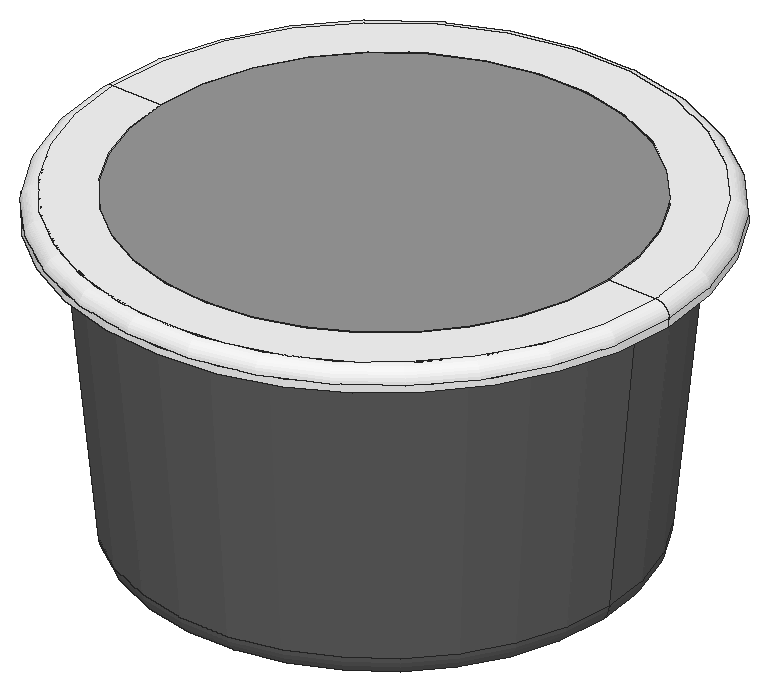
Revit family "3098114 Lighting Fixture_Sylvania_Insaver LED II 150 High_Ceiling Recessed", category Lighting Fixtures, host Face, Revit 2017
Family settings
  Host = Face
  Round Connector Dimension = Use Diameter
  Part Type = Normal
  OmniClass Number = 23.80.70.11.17
  OmniClass Title = Specialized Lighting by Location or Use
  Cut with Voids When Loaded = No
  Light Source = Yes
  Shared = No
  Room Calculation Point = No
Parameters (values of type "Insaver LED II 150 High Output WW EB")
  Ta Rating = "0°C to 55°C"  # constant formula
  Reflector Radius = Body Radius - 2.0 mm  # 73.0 mm
  Reflector Material = Metal_Sylvania_Insaver LED II_Polished
  Radius = Diameter / 2  # 84.5 mm
  LOR = "100%"  # constant formula
  IP Rating = "IP23 (44 with accessory)"  # constant formula
  Height = 87.0 mm
  Glare Control = "UGR <19 (using accessory)"  # constant formula
  Energy Class = "A++,A+,A"  # constant formula
  Weight = 0 kg
  Wattage = 21.5258 W
  built-in parameter 1150110 = 1 (stored number, unit not read)
  Voltage Comments = "UNV (Universal Voltage; 220-240 Volt)"  # constant formula
  Voltage = 230 V  # constant formula
  URL = "http://www.sylvania-lighting.com"
  built-in parameter 1114217 = 1 (stored number, unit not read)
  Tilt Angle = -90°
  built-in parameter 1150109 = 1 (stored number, unit not read)
  built-in parameter 1150134 = (empty or 0)
  built-in parameter 1150113 = 1 (stored number, unit not read)
  Product Page URL = "http://www.sylvania-lighting.com/product/en-int/products/3098114"
  Product Family = "INSAVER LED II 150"  # constant formula
  Photometry Comments = ""
  Photometric Web File = "3098114_InsaverLEDII150HighOutputWWEB-200557.ies"
  Life = "50 000 h"  # constant formula
  Emit from Circle Diameter = Diffuser Diameter  # 133.0 mm
  Emit Shape Visible in Rendering = no
  Drive Current = "900mA"  # constant formula
  Distribution type = "Direct - symmetrical"  # constant formula
  Diffuser Material = Glass_Sylvania_Insaver LED II_3000K
  Diffuser Diameter = Diameter - 36.0 mm  # 133.0 mm
  Diameter = 169.0 mm
  Cutout Diameter = Diameter - 19.0 mm  # 150.0 mm
  Colour consistency (SDCM) = "3 step"  # constant formula
  built-in parameter 1114216 [instance] = 1 (stored number, unit not read)
  Model = "Insaver LED II 150 High Output WW EB"
  Manufacturer = "Feilo Sylvania"
  built-in parameter 1150105 = 166.16 (stored number, unit not read)
  Lumens = 2088 lm
  built-in parameter 1150115 = 1 (stored number, unit not read)
  built-in parameter 1150137 = (empty or 0)
  built-in parameter 1150139 = (empty or 0)
  built-in parameter 1150112 = 1 (stored number, unit not read)
  built-in parameter 1150114 = 1 (stored number, unit not read)
  Lamp Comments = "Integrated LED"  # constant formula
  Lamp = ""
  built-in parameter 1150132 = 2
  built-in parameter 1150102 = (empty or 0)
  built-in parameter 1150107 = 3000 (stored number, unit not read)
  built-in parameter 1150138 = (empty or 0)
  built-in parameter 1150106 = 1.6616 (stored number, unit not read)
  CRI ( Ra ) = 80  # constant formula
  Body Material = Plastic_Sylvania_Insaver LED II_Black
  built-in parameter 1150104 = 9.0116 (stored number, unit not read)
  Dimming Lamp Color Temperature Shift = <None>
  Description = "Circular LED downlight with up to 114lm/W efficacy and 2,400 luminaire lumen output. Innovative easy installation system allows for a rapid, single point installation. For 150mm cut outs. IP44 or UGR<19 compliant with additional accessories. 3 hour emergency and surface mounted versions available. Plus3 version includes Wieland GST connector."  # constant formula
  Default Elevation = 0.0 mm
  Color Filter = 16777215
  Catalog Number = "3098114 Insaver LED II 150 High Output WW EB"
  built-in parameter 1140040 [instance] = 1
  Body Radius = Cutout Diameter / 2  # 75.0 mm
  Beam Angle = 76°  # constant formula
  built-in parameter 1114218 = 1 (stored number, unit not read)
  built-in parameter 1150133 = 10 (stored number, unit not read)
  Assembly Code = "D5020200"
  Apparent Load Comments = ""
  Apparent Load = 22 VA
  Accessory Material = Plastic_Sylvania_Insaver LED II_White
Reference planes
  plane 1 "Center (Front/Back)": y = 0
  plane 2: z = 0
  plane 3 "Center (Left/Right)": x = 0
  plane 4 "Fixture Top": z = -87
  plane 5 "Fixture Bottom": z = 6
  plane 6 "Reflector Top": z = -60
Forms (mm)
  Extrusion 1, void
    sketch origin (0, 0, 0) x (1, 0, 0) y (0, 1, 0)
      loop
        circle (0, 0) r 75
    from -87 to 0
  Revolve 2, solid, material "Plastic_Sylvania_Insaver LED II_White" <- "Accessory Material", detail levels fine
    sketch origin (0, 0, 0) x (1, 0, 0) y (0, 0, 1)
      loop
        line (-84.5, 0) -> (-66.5, 0) -> (-66.5, 6) -> (-80.5, 6)
        arc (-80.5, 6) -> (-83.328, 4.828) -> (-84.5, 2) r 4
        line (-84.5, 2) -> (-84.5, 0)
      axis (0, 6) -> (0, 0)
    angle from 0 to 360
  Revolve 3, solid, material "Plastic_Sylvania_Insaver LED II_Black" <- "Body Material", detail levels fine
    sketch origin (0, 0, 0) x (1, 0, 0) y (0, 0, 1)
      loop
        line (0, -87) -> (0, -85) -> (-59.475, -85)
        arc (-59.475, -85) -> (-62.901, -83.847) -> (-64.933, -80.857) r 5.666
        arc (-64.933, -80.857) -> (-70.978, -41.634) -> (-73, -2) r 389.454
        line (-73, -2) -> (-73, 0) -> (-75, 0) -> (-75, -2)
        arc (-75, -2) -> (-73.011, -41.414) -> (-67.063, -80.428) r 391.454
        arc (-67.063, -80.428) -> (-64.495, -85.129) -> (-59.475, -87) r 7.666
        line (-59.475, -87) -> (0, -87)
      axis (0, 0) -> (0, -87)
    angle from 0 to 360
  Extrusion 4, solid, material "Glass_Sylvania_Insaver LED II_3000K" <- "Diffuser Material", detail levels fine
    sketch origin (0, 0, 0) x (1, 0, 0) y (0, 1, 0)
      loop
        circle (0, 0) r 66.5
    from 0 to 6
  Revolve 5, solid, material "Metal_Sylvania_Insaver LED II_Polished" <- "Reflector Material", detail levels fine
    sketch origin (0, 0, 0) x (1, 0, 0) y (0, 0, 1)
      loop
        line (-73, 0) -> (-73, -2)
        arc (-73, -2) -> (-46.618, -43.735) -> (0, -60) r 74.94
        line (0, -60) -> (0, -58)
        arc (0, -58) -> (-45.285, -42.24) -> (-71, -1.769) r 72.94
        line (-71, -1.769) -> (-71, 0) -> (-73, 0)
      axis (0, 0) -> (0, -60)
    angle from 0 to 360
  Revolve 6, solid, material "Plastic_Sylvania_Insaver LED II_White" <- "Accessory Material", detail levels coarse+medium
    sketch origin (0, 0, 0) x (1, 0, 0) y (0, 0, 1)
      loop
        line (0, -87) -> (0, 6) -> (-84.5, 6) -> (-84.5, 0) -> (-75, 0) -> (-75, -2)
        arc (-75, -2) -> (-73.011, -41.414) -> (-67.063, -80.428) r 391.454
        arc (-67.063, -80.428) -> (-64.495, -85.129) -> (-59.475, -87) r 7.666
        line (-59.475, -87) -> (0, -87)
      axis (0, 6) -> (0, -87)
    angle from 0 to 360
Lines and regions (mm)
  Masking region 1
    outline origin (0, 0, 0) x (1, 0, 0) y (0, 1, 0)
      loop
        circle (0, 0) r 84.5
  symbolic lines, detail levels fine
    curve 1: arc (66.5, 0, 0) -> (0, 66.5, 0) -> (-66.5, 0, 0) r 66.5
    curve 2: arc (-66.5, 0, 0) -> (0, -66.5, 0) -> (66.5, 0, 0) r 66.5
Dimensions and locks
  "Height": plane 2 to plane 4 "Fixture Top"
  plane 5 "Fixture Bottom" to plane 2 = 6.0 mm
  "Radius": plane 3 "Center (Left/Right)" to Revolve 2 sketch curve
  locked: Revolve 2 sketch curve to plane 2 at 2
  Revolve 2 sketch curve to Revolve 2 sketch curve = 18.0 mm
  "Body Radius": plane 3 "Center (Left/Right)" to Revolve 3 sketch curve
  locked: Revolve 3 sketch curve to Revolve 3 sketch curve at 2
  locked: Revolve 3 sketch curve to plane 4 "Fixture Top" at 2
  "Reflector Radius": Revolve 5 sketch curve to plane 3 "Center (Left/Right)"
  locked: Revolve 5 sketch curve to Revolve 5 sketch curve at 2
  "Radius": Revolve 6 sketch curve to imposter light
  locked: Revolve 6 sketch curve to Revolve 6 sketch curve at 9.5
  "Cutout Diameter": diameter of Extrusion 1 sketch curve
  "Diffuser Diameter": diameter of Extrusion 4 sketch curve
  aligned and locked: plane 2 to host face
  aligned and locked: level to host face
  aligned and locked: Extrusion 1 to plane 4 "Fixture Top"
  aligned and locked: plane 2 to Extrusion 1
  aligned and locked: Revolve 2 sketch curve to plane 2
  aligned and locked: Revolve 2 sketch curve to plane 5 "Fixture Bottom"
  aligned and locked: Revolve 2 sketch curve to plane 3 "Center (Left/Right)"
  aligned and locked: Revolve 3 sketch curve to plane 3 "Center (Left/Right)"  (x2)
  aligned and locked: Extrusion 4 to plane 2
  aligned and locked: plane 5 "Fixture Bottom" to Extrusion 4
  aligned and locked: plane 4 "Fixture Top" to Revolve 3 sketch curve
  aligned and locked: Revolve 3 sketch curve to plane 2
  aligned and locked: Revolve 5 sketch curve to host face
  aligned and locked: Revolve 5 sketch curve to plane 3 "Center (Left/Right)"
  aligned and locked: plane 6 "Reflector Top" to Revolve 5 sketch curve
  aligned and locked: plane 3 "Center (Left/Right)" to Revolve 5 sketch curve
  aligned and locked: imposter light to plane 3 "Center (Left/Right)"
  aligned and locked: imposter light to plane 1 "Center (Front/Back)"
  aligned and locked: imposter light to plane 5 "Fixture Bottom"
  aligned and locked: Revolve 6 sketch curve to plane 3 "Center (Left/Right)"  (x2)
  aligned and locked: plane 4 "Fixture Top" to Revolve 6 sketch curve
  aligned and locked: Revolve 6 sketch curve to imposter light
  aligned and locked: Masking region 1 sketch curve to Revolve 6  (x2)
  aligned and locked: curve 1 to Extrusion 4
  aligned and locked: curve 2 to Extrusion 4
Automatic sketch dimensions
  host sketch curve to host sketch curve = 1040.406 mm
  host sketch curve to host sketch curve = 988.385 mm
  plane 1 "Center (Front/Back)" to Extrusion 1 sketch curve = 0.0 mm
  Extrusion 1 sketch curve to plane 3 "Center (Left/Right)" = 0.0 mm
  Revolve 2 sketch curve to level = 23.903 mm
  plane 5 "Fixture Bottom" to Revolve 2 sketch curve = 38.423 mm
  Revolve 3 sketch curve to Revolve 3 sketch curve = 0.0 mm  (x4)
  Revolve 3 sketch curve to plane 3 "Center (Left/Right)" = 59.475 mm
  Revolve 3 sketch curve to level = 2.0 mm
  plane 3 "Center (Left/Right)" to Revolve 3 sketch curve = 316.454 mm
  Revolve 3 sketch curve to Revolve 3 sketch curve = 5.666 mm
  Revolve 3 sketch curve to level = 21.34 mm
  plane 5 "Fixture Bottom" to Revolve 3 sketch curve = 47.66 mm
  plane 1 "Center (Front/Back)" to Extrusion 4 sketch curve = 0.0 mm
  Extrusion 4 sketch curve to plane 3 "Center (Left/Right)" = 0.0 mm
  Revolve 5 sketch curve to Revolve 5 sketch curve = 0.0 mm
  Revolve 5 sketch curve to Revolve 5 sketch curve = 2.0 mm
  Revolve 5 sketch curve to level = 2.0 mm
  Revolve 5 sketch curve to plane 4 "Fixture Top" = 30.934 mm
  Revolve 5 sketch curve to Revolve 5 sketch curve = 27.127 mm
  Revolve 6 sketch curve to level = 0.0 mm
  plane 4 "Fixture Top" to Revolve 6 sketch curve = 7.666 mm
  Revolve 6 sketch curve to plane 3 "Center (Left/Right)" = 59.475 mm
  Revolve 6 sketch curve to level = 2.0 mm
  plane 3 "Center (Left/Right)" to Revolve 6 sketch curve = 316.454 mm
  Revolve 6 sketch curve to level = 21.34 mm
  Revolve 6 sketch curve to Revolve 6 sketch curve = 47.66 mm
Connectors
  electrical at (0, 0, -87), driven by "Voltage", driven by "Apparent Load"
    settings: index 1, voltage 230 V, apparent load 0 VA, apparent load phase1 22 VA, apparent load phase2 0 VA, apparent load phase3 0 VA, power factor 1, load classification "Lighting", number of poles 1, system type 31, power factor state 1, is connector primary yes, connector utility no, sub classification motor no, connector description ""
